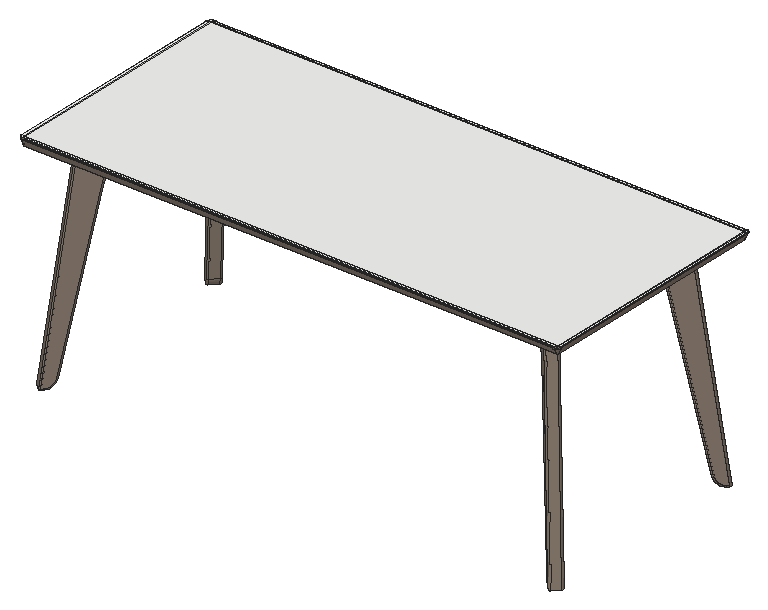
Revit family "Table-Casual-Naughtone-Dalby_Large2", category Furniture, Revit 2015
Parameters (values of type "1800mmx800mmx750mm")
  _distributed by = "www.bimbox.co.uk"  # constant formula
  _current revision = "1"
  _created by = "BIMBox"  # constant formula
  _author = "BIMBox"  # constant formula
  _BIMspec_GUID = 0
  WarrantyStartDate [instance] = "<User Defined>"
  WarrantyGuarantorParts = "sales@naughtone.com"
  WarrantyGuarantorLabor = "sales@naughtone.com"
  WarrantyDurationUnit = "Years"
  WarrantyDurationParts = "5"
  WarrantyDurationLabor = "5"
  WarrantyDescription = "5 year warranty"
  Version = "1"
  Uniclass2015 = "40.50.21.22"
  URL = "http://www.naughtone.com/"
  TypeName = "Table-Casual-Naughtone-Dalby_Large"
  Type Comments = "1800x800x750"
  TagNumber = "0.000000"
  SustainabilityPerformance = "89.64% reusable content"
  Size = "1800mmx800mmx750mm"
  Shape = "Rectangular"
  SerialNumber = "0.000000"
  ReplacementCost = "0.00"
  ProductInformation = "http://www.naughtone.com/wp-content/uploads/2015/05/Dalby-Brochure-FISP-2015.pdf?49171d"
  Product URL = "http://www.naughtone.com/portfolio-view/dalby"
  Option [instance] = if(HasReverseChamfer, "MFMDF with reverse chamfer", if(HasBandEdge, "MFMDF edge banded", "n/a"))  # "MFMDF with reverse chamfer"
  NominalWidth = 1800 mm
  NominalLength = 800 mm
  NominalHeight = 750 mm  # constant formula
  Name = "1800mmx800mmx750mm, Dalby Large Table"
  NBSReference = "40.50.21.22"
  NBSDescription = "n/a"
  Mtrl_Top [instance] = Laminate-White-Smooth
  Mtrl_Frame [instance] = Wood-Oak-Satin_Frame
  Mtrl_EdgeTop [instance] = Wood-Oak-Matte_Top
  ModelReference = "Dalby Large Table"
  ModelNumber = "DAL-1800x800"
  Model = "DAL-1800x800"
  Material = "MFMDF Top; Solid Oak Legs"
  ManufacturerAddressUK = "201 Pannal Business Park, Station Road, Harrogate, HG3 1JL"  # constant formula
  Manufacturer = "Naughtone"  # constant formula
  Keynote = "40.50.21.22"
  InstallationDate [instance] = "<User Defined>"
  HasReverseChamfer [instance] = yes
  HasBandEdge [instance] = not(HasReverseChamfer)  # no
  Grade = "n/a"
  Finish = "Polyster powder coat; various top finishes available"
  Features = "n/a"
  ExpectedLife = "15-20"
  EdgeOffset [instance] = if(HasReverseChamfer, 10 mm, 5 mm)  # 10 mm
  DurationUnit = "Years"
  Description = "Dalby Large Table"
  CreatedOn = "2015.07.15"
  CreatedBy = "Naughtone"  # constant formula
  Cost = 0
  ContactTelephoneNumber = "+44 (0) 1423 816500"
  ContactEmailAddress = "sales@naughtone.com"
  Constituents = "Wood Top; Solid Oak frame"
  ComponentDescription = "The Dalby table will inject warmth and quality into an interior without raising any eyebrows. Dalby provides a practical, robust surface and maximised leg positions for clear, useable access all round the table."
  Color = "White"
  CodePerformance = "FISP Certified; ISO14001 Certified"
  Category = "40.50.21.22 : Dining Tables"
  BarCode = "0.000000"
  BIMObjectName = "Table-Casual-Naughtone-Dalby_Large"
  AssetType = "Movable"
  AssetIdentifier = "DAL-1800x800"
  Assembly Code = "E2020"
  AdditionalMaterials = "Additional material and finish options available. Please contact Naughtone direct for further information."
  AccessibilityPerformance = "n/a"
Types (7, lengths in mm): name | Type Comments | Size | NominalWidth | NominalLength | Name | ModelNumber | Model | AssetIdentifier
  (no name) | "1800x800x750" | "1800mmx800mmx750mm" | 1800 | 800 | "1800mmx800mmx750mm, Dalby Large Table" | "DAL-1800x800" | "DAL-1800x800" | "DAL-1800x800"
  1800mmx800mmx750mm | "1800x800x750" | "1800mmx800mmx750mm" | 1800 | 800 | "1800mmx800mmx750mm, Dalby Large Table" | "DAL-1800x800" | "DAL-1800x800" | "DAL-1800x800"
  1600mmx800mmx750mm | "1600x800x750" | "1600mmx800mmx750mm" | 1800 | 800 | "1600mmx800mmx750mm, Dalby Large Table" | "DAL-1600x800" | "DAL-1600x800" | "DAL-1600x800"
  2000mmx900mmx750mm | "2000x900x750" | "2000mmx900mmx750mm" | 2000 | 900 | "2000mmx900mmx750mm, Dalby Large Table" | "DAL-2000x900" | "DAL-2000x900" | "DAL-2000x900"
  2200mmx900mmx750mm | "2200x900x750" | "2200mmx900mmx750mm" | 2200 | 900 | "2200mmx900mmx750mm, Dalby Large Table" | "DAL-2200x900" | "DAL-2200x900" | "DAL-2200x900"
  2400mmx1000mmx750mm | "2400x1000x750" | "2400mmx1000mmx750mm" | 2400 | 1000 | "2400mmx1000mmx750mm, Dalby Large Table" | "DAL-2400x1000" | "DAL-2400x1000" | "DAL-2400x1000"
  2400mmx1200mmx750mm | "2400x1200x750" | "2400mmx1200mmx750mm" | 2400 | 1200 | "2400mmx1200mmx750mm, Dalby Large Table" | "DAL-2400x1200" | "DAL-2400x1200" | "DAL-2400x1200"
Reference planes
  plane 1 "Center (Front/Back)": y = 0
  plane 2: z = 0
  plane 3 "Center (Left/Right)": x = 0
  plane 4 "Left": x = -900
  plane 5 "Right": x = 900
  plane 6 "Rear": y = 400
  plane 7 "Front": y = -400
  plane 8 "Top": z = 750
  plane 9: x = -890
  plane 10: y = -390
  plane 11: y = 390
  plane 12: x = 890
  plane 13 "EdgeProfile": z = 725
  plane 14: y = -395
Forms (mm)
  Sweep 1, solid, material "Wood-Oak-Matte_Top" <- "Mtrl_EdgeTop", visible <- "HasReverseChamfer"
    path origin (0, 0, 725) x (-1, 0, 0) y (0, -1, 0)
      loop
        line (890, -387) -> (890, 387)
        arc (890, 387) -> (889.121, 389.121) -> (887, 390) r 3
        line (887, 390) -> (-887, 390)
        arc (-887, 390) -> (-889.121, 389.121) -> (-890, 387) r 3
        line (-890, 387) -> (-890, -387)
        arc (-890, -387) -> (-889.121, -389.121) -> (-887, -390) r 3
        line (-887, -390) -> (887, -390)
        arc (887, -390) -> (889.121, -389.121) -> (890, -387) r 3
    profile origin (-890, 0, 725) x (1, 0, 0) y (0, 0, 1)
      loop
        line (0, 25) -> (-9.5, 25)
        arc (-9.5, 25) -> (-9.854, 24.854) -> (-10, 24.5) r 0.5
        line (-10, 24.5) -> (-10, 21.379)
        arc (-10, 21.379) -> (-9.925, 20.513) -> (-9.701, 19.674) r 5
        line (-9.701, 19.674) -> (-1.167, 0) -> (0, 0) -> (0, 25)
  Sweep 2, solid, material "Wood-Oak-Matte_Top" <- "Mtrl_EdgeTop", visible <- "HasBandEdge"
    path origin (0, 0, 725) x (-1, 0, 0) y (0, -1, 0)
      loop
        line (887, 390) -> (-887, 390)
        arc (-887, 390) -> (-889.121, 389.121) -> (-890, 387) r 3
        line (-890, 387) -> (-890, -387)
        arc (-890, -387) -> (-889.121, -389.121) -> (-887, -390) r 3
        line (-887, -390) -> (887, -390)
        arc (887, -390) -> (889.121, -389.121) -> (890, -387) r 3
        line (890, -387) -> (890, 387)
        arc (890, 387) -> (889.121, 389.121) -> (887, 390) r 3
    profile origin (0, -390, 725) x (0, 1, 0) y (0, 0, 1)
      loop
        line (-5, 20) -> (-5, 5)
        arc (-5, 5) -> (-3.536, 1.464) -> (0, 0) r 5
        line (0, 0) -> (0, 25)
        arc (0, 25) -> (-3.536, 23.536) -> (-5, 20) r 5
  Extrusion 3, solid, material "Laminate-White-Smooth" <- "Mtrl_Top"
    sketch origin (0, 0, 725) x (-1, 0, 0) y (0, -1, 0)
      loop
        arc (887, -390) -> (889.121, -389.121) -> (890, -387) r 3
        line (890, -387) -> (890, 387)
        arc (890, 387) -> (889.121, 389.121) -> (887, 390) r 3
        line (887, 390) -> (-887, 390)
        arc (-887, 390) -> (-889.121, 389.121) -> (-890, 387) r 3
        line (-890, 387) -> (-890, -387)
        arc (-890, -387) -> (-889.121, -389.121) -> (-887, -390) r 3
        line (-887, -390) -> (887, -390)
    from 0 to 25
Dimensions and locks
  equal spacing: plane 4 "Left", plane 3 "Center (Left/Right)", plane 5 "Right"
  "NominalWidth": plane 4 "Left" to plane 5 "Right"
  equal spacing: plane 6 "Rear", plane 1 "Center (Front/Back)", plane 7 "Front"
  "NominalLength": plane 6 "Rear" to plane 7 "Front"
  "NominalHeight": plane 8 "Top" to level
  "EdgeOffset": plane 4 "Left" to plane 9
  "EdgeOffset": plane 12 to plane 5 "Right"
  "EdgeOffset": plane 6 "Rear" to plane 11
  "EdgeOffset": plane 10 to plane 7 "Front"
  locked: plane 8 "Top" to plane 13 "EdgeProfile" at 25
  locked: plane 14 to plane 10 at 5
  aligned and locked: level to plane 2
  aligned and locked: Sweep 1 sketch curve to plane 9
  aligned and locked: Sweep 1 sketch curve to plane 11
  aligned and locked: Sweep 1 sketch curve to plane 10
  aligned and locked: plane 12 to Sweep 1 sketch curve
  aligned and locked: plane 8 "Top" to Sweep 1 sketch curve
  aligned and locked: Sweep 1 sketch curve to plane 4 "Left"
  aligned and locked: plane 13 "EdgeProfile" to Sweep 1 sketch curve
  aligned and locked: plane 9 to Sweep 1 sketch curve
  aligned and locked: Sweep 2 sketch curve to plane 10
  aligned and locked: Sweep 2 sketch curve to plane 9
  aligned and locked: Sweep 2 sketch curve to plane 11
  aligned and locked: Sweep 2 sketch curve to plane 12
  aligned and locked: plane 10 to Sweep 2 sketch curve
  aligned and locked: Sweep 2 sketch curve to plane 14
  aligned and locked: Extrusion 3 sketch curve to plane 11
  aligned and locked: plane 9 to Extrusion 3 sketch curve
  aligned and locked: Extrusion 3 sketch curve to plane 10
  aligned and locked: plane 12 to Extrusion 3 sketch curve
  aligned and locked: plane 8 "Top" to Extrusion 3
  aligned and locked: Extrusion 3 to plane 13 "EdgeProfile"
  aligned and locked: plane 3 "Center (Left/Right)" to nested 1
  aligned and locked: plane 1 "Center (Front/Back)" to nested 1
Automatic sketch dimensions
  Sweep 2 sketch curve to profile plane = 0 mm
  Sweep 2 sketch curve to plane 13 "EdgeProfile" = 0 mm
  Sweep 2 sketch curve to Sweep 2 sketch curve = 15 mm
  Sweep 2 sketch curve to Sweep 2 sketch curve = 0 mm
  Sweep 1 sketch curve to Sweep 1 sketch curve = 0.299 mm
  Sweep 1 sketch curve to Sweep 1 sketch curve = 0.5 mm
  Sweep 1 sketch curve to Sweep 1 sketch curve = 5 mm
  Sweep 1 sketch curve to Sweep 1 sketch curve = 4.826 mm
  profile plane to Sweep 1 sketch curve = 1.167 mm
  plane 12 to Sweep 1 sketch curve = 3 mm  (x2)
  plane 9 to Sweep 1 sketch curve = 3 mm  (x2)
  plane 12 to Extrusion 3 sketch curve = 3 mm  (x2)
  Extrusion 3 sketch curve to Extrusion 3 sketch curve = 3 mm  (x2)
  plane 12 to Sweep 2 sketch curve = 3 mm
  Sweep 2 sketch curve to Sweep 2 sketch curve = 3 mm  (x2)
  plane 9 to Sweep 2 sketch curve = 3 mm
Nested families
  nested 1: "Nested-Frame-Naughtone-Dalby" at (0, 0, 0), Mtrl_Frame <- "Mtrl_Frame", NominalLength <- "NominalLength", NominalWidth <- "NominalWidth", type "Dalby Frame"
    with NominalWidth 1800 mm, NominalLength 800 mm, Mtrl_Frame Wood-Oak-Satin_Frame
Definition of nested family "Nested-Frame-Naughtone-Dalby"
  Parameters (values of type "Dalby Frame")
    _distributed by = "www.bimbox.co.uk"  # constant formula
    _current revision = "1"
    _created by = "BIMBox"  # constant formula
    _author = "BIMBox"  # constant formula
    URL = "http://www.naughtone.com/"
    Type Comments = ""
    NominalWidth [instance] = 1600 mm
    NominalLength [instance] = 800 mm
    NominalHeight = 750 mm  # constant formula
    Mtrl_Frame [instance] = none
    Model = "Dalby Frame"
    ManufacturerAddressUK = "201 Pannal Business Park, Station Road, Harrogate, HG3 1JL"  # constant formula
    Manufacturer = "Naughtone"  # constant formula
    Keynote = ""
    Description = "Dalby Frame"
    Cost = 0
    ContactTelephoneNumber = "+44 (0) 1423 816500"
    ContactEmailAddress = "sales@naughtone.com"
    Assembly Code = "E2020"
  Reference planes
    plane 1 "Center (Front/Back)": y = 0
    plane 2: z = 0
    plane 3 "Center (Left/Right)": x = 0
    plane 4 "Left": x = -800
    plane 5 "Right": x = 800
    plane 6 "Rear": y = 400
    plane 7 "Front": y = -400
    plane 8 "Top": z = 750
    plane 9 "EdgeProfile": z = 725
    plane 10: z = 650
    plane 11: y = -350
    plane 12: x = 778
    plane 13: x = 750
    plane 14: y = -378
    plane 15: x = 625
    plane 16: y = -197
    plane 17: x = 597
    plane 18: y = -225
    plane 19: x = 611
    plane 20: y = -211
    plane 21: x = 764
    plane 22: y = -364
    plane 23: through (647, -175, 1200) normal (-0.7071, 0.7071, 0)
    plane 24: through (800, -328, 1200) normal (-0.7071, 0.7071, 0)
    plane 25: through (638.223, -339.272, 725) normal (-0.7071, 0.7071, 0)
    plane 26: z = 655.321
    plane 27: through (572.329, -273.378, 649.22) normal (-0.7071, 0.7071, 0)
    plane 28: z = 649.22
    plane 29: z = 612.454
    plane 30: through (594.845, -295.895, 612.454) normal (-0.7071, 0.7071, 0)
    plane 31: z = 602.235
    plane 32: through (560.236, -261.286, 602.235) normal (-0.7071, 0.7071, 0)
    plane 33: z = 32.847
    plane 34: through (680.418, -381.467, 32.847) normal (-0.7071, 0.7071, 0)
    plane 35: z = 5
    plane 36: through (704.644, -405.694, 5) normal (-0.7071, 0.7071, 0)
    plane 37: through (709.411, -410.46, 5) normal (-0.7071, 0.7071, 0)
    plane 38: z = 40
    plane 39: z = 655.321
    plane 40: through (557.647, -258.696, 730) normal (0.7071, -0.7071, 0)
    plane 41: z = 727
    plane 42: through (643.798, -344.847, 728.911) normal (0.7071, -0.7071, 0)
    plane 43: y = 350
    plane 44: x = 778
    plane 45: x = 750
    plane 46: y = 378
    plane 47: x = 625
    plane 48: y = 197
    plane 49: x = 597
    plane 50: y = 225
    plane 51: x = 611
    plane 52: y = 211
    plane 53: x = 764
    plane 54: y = 364
    plane 55: through (647, 175, 1200) normal (0.7071, 0.7071, 0)
    plane 56: through (800, 328, 1200) normal (0.7071, 0.7071, 0)
    plane 57: through (638.223, 339.272, 725) normal (0.7071, 0.7071, 0)
    plane 58: through (572.329, 273.378, 649.22) normal (0.7071, 0.7071, 0)
    plane 59: through (594.845, 295.895, 612.454) normal (0.7071, 0.7071, 0)
    plane 60: through (560.236, 261.286, 602.235) normal (0.7071, 0.7071, 0)
    plane 61: through (680.418, 381.467, 32.847) normal (0.7071, 0.7071, 0)
    plane 62: through (704.644, 405.694, 5) normal (0.7071, 0.7071, 0)
    plane 63: through (709.411, 410.46, 5) normal (0.7071, 0.7071, 0)
    plane 64: z = 655.321
    plane 65: through (557.647, 258.696, 730) normal (-0.7071, -0.7071, 0)
    plane 66: z = 727
    plane 67: through (643.798, 344.847, 728.911) normal (-0.7071, -0.7071, 0)
    plane 68: y = 350
    plane 69: x = -778
    plane 70: x = -750
    plane 71: y = 378
    plane 72: x = -625
    plane 73: y = 197
    plane 74: x = -597
    plane 75: y = 225
    plane 76: x = -611
    plane 77: y = 211
    plane 78: x = -764
    plane 79: y = 364
    plane 80: through (-647, 175, 1200) normal (0.7071, -0.7071, 0)
    plane 81: through (-800, 328, 1200) normal (0.7071, -0.7071, 0)
    plane 82: through (-638.223, 339.272, 725) normal (0.7071, -0.7071, 0)
    plane 83: through (-572.329, 273.378, 649.22) normal (0.7071, -0.7071, 0)
    plane 84: through (-594.845, 295.895, 612.454) normal (0.7071, -0.7071, 0)
    plane 85: through (-560.236, 261.286, 602.235) normal (0.7071, -0.7071, 0)
    plane 86: through (-680.418, 381.467, 32.847) normal (0.7071, -0.7071, 0)
    plane 87: through (-704.644, 405.694, 5) normal (0.7071, -0.7071, 0)
    plane 88: through (-709.411, 410.46, 5) normal (0.7071, -0.7071, 0)
    plane 89: through (-557.647, 258.696, 730) normal (-0.7071, 0.7071, 0)
    plane 90: z = 727
    plane 91: through (-643.798, 344.847, 728.911) normal (-0.7071, 0.7071, 0)
    plane 92: y = -350
    plane 93: x = -778
    plane 94: x = -750
    plane 95: y = -378
    plane 96: x = -625
    plane 97: y = -197
    plane 98: x = -597
    plane 99: y = -225
    plane 100: x = -611
    plane 101: y = -211
    plane 102: x = -764
    plane 103: y = -364
    plane 104: through (-647, -175, 1200) normal (-0.7071, -0.7071, 0)
    plane 105: through (-800, -328, 1200) normal (-0.7071, -0.7071, 0)
    plane 106: through (-638.223, -339.272, 725) normal (-0.7071, -0.7071, 0)
    plane 107: through (-572.329, -273.378, 649.22) normal (-0.7071, -0.7071, 0)
    plane 108: through (-594.845, -295.895, 612.454) normal (-0.7071, -0.7071, 0)
    plane 109: through (-560.236, -261.286, 602.235) normal (-0.7071, -0.7071, 0)
    plane 110: through (-680.418, -381.467, 32.847) normal (-0.7071, -0.7071, 0)
    plane 111: through (-704.644, -405.694, 5) normal (-0.7071, -0.7071, 0)
    plane 112: through (-709.411, -410.46, 5) normal (-0.7071, -0.7071, 0)
    plane 113: through (-557.647, -258.696, 730) normal (0.7071, 0.7071, 0)
    plane 114: z = 727
    plane 115: through (-643.798, -344.847, 728.911) normal (0.7071, 0.7071, 0)
    plane 116: z = 655.321
    plane 117: z = 649.22
    plane 118: z = 612.454
    plane 119: z = 602.235
    plane 120: z = 32.847
    plane 121: z = 5
    plane 122: z = 40
    plane 123: x = 665
    plane 124: y = 243.671
    plane 125: y = -243.671
    plane 126: y = 265
    plane 127: x = -665
    plane 128: y = -265
  Forms (mm)
    Sweep 1, solid, material <- "Mtrl_Frame"
      path origin (611, -211, 0) x (0.707107, -0.707107, 0) y (0, 0, 1)
        loop
          line (109.951, 725) -> (210.627, 5) -> (203.886, 5)
          arc (203.886, 5) -> (181.81, 12.84) -> (169.624, 32.847) r 35
          line (169.624, 32.847) -> (48.607, 612.454)
          arc (48.607, 612.454) -> (37.457, 634.97) -> (16.763, 649.22) r 50
          line (16.763, 649.22) -> (0, 655.321)
      profile origin (757.552, -357.552, 5) x (0, 0, -1) y (-0.707107, -0.707107, 0)
        loop
          line (5, -15) -> (5, 15)
          arc (5, 15) -> (3.536, 18.536) -> (0, 20) r 5
          line (0, 20) -> (0, -20)
          arc (0, -20) -> (3.536, -18.536) -> (5, -15) r 5
    Extrusion 2, solid, material <- "Mtrl_Frame"
      sketch origin (611, -211, 0) x (0.707107, -0.707107, 0) y (0, 0, 1)
        loop
          line (48.607, 612.454) -> (169.624, 32.847)
          arc (169.624, 32.847) -> (181.81, 12.84) -> (203.886, 5) r 35
          line (203.886, 5) -> (210.627, 5) -> (109.951, 725) -> (0, 725) -> (0, 655.321) -> (16.763, 649.22)
          arc (16.763, 649.22) -> (37.457, 634.97) -> (48.607, 612.454) r 50
      from -20 to 20
    Extrusion 3, void
      sketch origin (611, -211, 0) x (0.707107, -0.707107, 0) y (0, 0, 1)
        loop
          line (-4, 727) -> (-4, 650) -> (0, 650) -> (0, 725) -> (117.836, 725) -> (117.836, 727) -> (-4, 727)
      from -20 to 20
    Sweep 4, solid, material <- "Mtrl_Frame"
      path origin (611, 211, 0) x (0.707107, 0.707107, 0) y (0, 0, 1)
        loop
          line (109.951, 725) -> (210.627, 5) -> (203.886, 5)
          arc (203.886, 5) -> (181.81, 12.84) -> (169.624, 32.847) r 35
          line (169.624, 32.847) -> (48.607, 612.454)
          arc (48.607, 612.454) -> (37.457, 634.97) -> (16.763, 649.22) r 50
          line (16.763, 649.22) -> (0, 655.321)
      profile origin (757.552, 357.552, 5) x (0, 0, -1) y (0.707107, -0.707107, 0)
        loop
          arc (5, 15) -> (3.536, 18.536) -> (0, 20) r 5
          line (0, 20) -> (0, -20)
          arc (0, -20) -> (3.536, -18.536) -> (5, -15) r 5
          line (5, -15) -> (5, 15)
    Extrusion 5, solid, material <- "Mtrl_Frame"
      sketch origin (611, 211, 0) x (0.707107, 0.707107, 0) y (0, 0, 1)
        loop
          line (48.607, 612.454) -> (169.624, 32.847)
          arc (169.624, 32.847) -> (181.81, 12.84) -> (203.886, 5) r 35
          line (203.886, 5) -> (210.627, 5) -> (109.951, 725) -> (0, 725) -> (0, 655.321) -> (16.763, 649.22)
          arc (16.763, 649.22) -> (37.457, 634.97) -> (48.607, 612.454) r 50
      from 20 to -20
    Extrusion 6, void
      sketch origin (611, 211, 0) x (0.707107, 0.707107, 0) y (0, 0, 1)
        loop
          line (-4, 727) -> (-4, 650) -> (0, 650) -> (0, 725) -> (117.836, 725) -> (117.836, 727) -> (-4, 727)
      from -20 to 20
    Sweep 7, solid, material <- "Mtrl_Frame"
      path origin (-611, 211, 0) x (-0.707107, 0.707107, 0) y (0, 0, 1)
        loop
          line (109.951, 725) -> (210.627, 5) -> (203.886, 5)
          arc (203.886, 5) -> (181.81, 12.84) -> (169.624, 32.847) r 35
          line (169.624, 32.847) -> (48.607, 612.454)
          arc (48.607, 612.454) -> (37.457, 634.97) -> (16.763, 649.22) r 50
          line (16.763, 649.22) -> (0, 655.321)
      profile origin (-757.552, 357.552, 5) x (0, 0, -1) y (0.707107, 0.707107, 0)
        loop
          line (5, -15) -> (5, 15)
          arc (5, 15) -> (3.536, 18.536) -> (0, 20) r 5
          line (0, 20) -> (0, -20)
          arc (0, -20) -> (3.536, -18.536) -> (5, -15) r 5
    Extrusion 8, void
      sketch origin (-611, 211, 0) x (-0.707107, 0.707107, 0) y (0, 0, 1)
        loop
          line (-4, 727) -> (-4, 650) -> (0, 650) -> (0, 725) -> (117.836, 725) -> (117.836, 727) -> (-4, 727)
      from -20 to 20
    Sweep 9, solid, material <- "Mtrl_Frame"
      path origin (-611, -211, 0) x (-0.707107, -0.707107, 0) y (0, 0, 1)
        loop
          line (109.951, 725) -> (210.627, 5) -> (203.886, 5)
          arc (203.886, 5) -> (181.81, 12.84) -> (169.624, 32.847) r 35
          line (169.624, 32.847) -> (48.607, 612.454)
          arc (48.607, 612.454) -> (37.457, 634.97) -> (16.763, 649.22) r 50
          line (16.763, 649.22) -> (0, 655.321)
      profile origin (-757.552, -357.552, 5) x (0, 0, -1) y (-0.707107, 0.707107, 0)
        loop
          arc (5, 15) -> (3.536, 18.536) -> (0, 20) r 5
          line (0, 20) -> (0, -20)
          arc (0, -20) -> (3.536, -18.536) -> (5, -15) r 5
          line (5, -15) -> (5, 15)
    Extrusion 10, void
      sketch origin (-611, -211, 0) x (-0.707107, -0.707107, 0) y (0, 0, 1)
        loop
          line (-4, 727) -> (-4, 650) -> (0, 650) -> (0, 725) -> (117.836, 725) -> (117.836, 727) -> (-4, 727)
      from -20 to 20
    Extrusion 11, solid, material <- "Mtrl_Frame"
      sketch origin (-611, -211, 0) x (-0.707107, -0.707107, 0) y (0, 0, 1)
        loop
          line (109.951, 725) -> (0, 725) -> (0, 655.321) -> (16.763, 649.22)
          arc (16.763, 649.22) -> (37.457, 634.97) -> (48.607, 612.454) r 50
          line (48.607, 612.454) -> (169.624, 32.847)
          arc (169.624, 32.847) -> (181.81, 12.84) -> (203.886, 5) r 35
          line (203.886, 5) -> (210.627, 5) -> (109.951, 725)
      from -20 to 20
    Extrusion 12, solid, material <- "Mtrl_Frame"
      sketch origin (-611, 211, 0) x (-0.707107, 0.707107, 0) y (0, 0, 1)
        loop
          line (0, 725) -> (0, 655.321) -> (16.763, 649.22)
          arc (16.763, 649.22) -> (37.457, 634.97) -> (48.607, 612.454) r 50
          line (48.607, 612.454) -> (169.624, 32.847)
          arc (169.624, 32.847) -> (181.81, 12.84) -> (203.886, 5) r 35
          line (203.886, 5) -> (210.627, 5) -> (109.951, 725) -> (0, 725)
      from -20 to 20
    Extrusion 13, solid, material <- "Mtrl_Frame"
      sketch origin (0, 0, 0) x (1, 0, 0) y (0, 1, 0)
        loop
          line (625, 196.716) -> (625, -196.716) -> (665, -236.716) -> (665, 236.716) -> (625, 196.716)
      from 650 to 725
    Extrusion 14, solid, material <- "Mtrl_Frame"
      sketch origin (0, 0, 0) x (1, 0, 0) y (0, 1, 0)
        loop
          line (636.716, 265) -> (-636.716, 265) -> (-596.716, 225) -> (596.716, 225) -> (636.716, 265)
      from 649.22 to 725
    Extrusion 15, solid, material <- "Mtrl_Frame"
      sketch origin (0, 0, 0) x (1, 0, 0) y (0, 1, 0)
        loop
          line (-665, 236.716) -> (-665, -236.716) -> (-625, -196.716) -> (-625, 196.716) -> (-665, 236.716)
      from 649.22 to 725
    Extrusion 16, solid, material <- "Mtrl_Frame"
      sketch origin (0, 0, 0) x (1, 0, 0) y (0, 1, 0)
        loop
          line (636.716, -265) -> (596.716, -225) -> (-596.716, -225) -> (-636.716, -265) -> (636.716, -265)
      from 649.22 to 725
  Cuts and joins
    Extrusion 3, Extrusion 6, Extrusion 10 cuts Sweep 1
    Extrusion 6, Extrusion 10 cuts Extrusion 2
    joined: Sweep 1, Extrusion 2
    Extrusion 6, Extrusion 8 cuts Sweep 4
    Extrusion 6, Extrusion 8 cuts Extrusion 5
    joined: Sweep 4, Extrusion 5
    Extrusion 8 cuts Sweep 7
    joined: Sweep 7, Extrusion 12
    Extrusion 10 cuts Sweep 9
    joined: Sweep 9, Extrusion 11
  Lines and regions (mm)
    reference lines
      curve 1: line (611, -211, 0) -> (764, -364, 0)
      curve 2: line (611, 211, 0) -> (764, 364, 0)
      curve 3: line (-611, 211, 0) -> (-764, 364, 0)
      curve 4: line (-611, -211, 0) -> (-764, -364, 0)
  Dimensions and locks
    equal spacing: plane 4 "Left", plane 3 "Center (Left/Right)", plane 5 "Right"
    "NominalWidth": plane 4 "Left" to plane 5 "Right"
    equal spacing: plane 6 "Rear", plane 1 "Center (Front/Back)", plane 7 "Front"
    "NominalLength": plane 6 "Rear" to plane 7 "Front"
    "NominalHeight": plane 8 "Top" to level
    locked: plane 8 "Top" to plane 9 "EdgeProfile" at 25
    locked: plane 9 "EdgeProfile" to plane 10 at 75
    locked: plane 12 to plane 5 "Right" at 22
    locked: plane 11 to plane 7 "Front" at 50
    locked: plane 14 to plane 7 "Front" at 22
    locked: plane 13 to plane 5 "Right" at 50
    locked: plane 16 to plane 7 "Front" at 203
    locked: plane 15 to plane 5 "Right" at 175
    locked: plane 18 to plane 7 "Front" at 175
    locked: plane 17 to plane 5 "Right" at 203
    locked: plane 20 to plane 7 "Front" at 189
    locked: plane 19 to plane 5 "Right" at 189
    locked: plane 22 to plane 7 "Front" at 36
    locked: plane 21 to plane 5 "Right" at 36
    locked: plane 23 to plane 25 at 109.951
    locked: plane 26 to plane 10 at 5.321
    locked: plane 10 to plane 28 at 0.78
    locked: plane 23 to plane 27 at 16.763
    locked: plane 23 to plane 30 at 48.607
    locked: plane 10 to plane 29 at 37.546
    locked: plane 10 to plane 31 at 47.765
    locked: plane 32 to plane 23 at 0.338
    locked: plane 37 to plane 24 at 5.748
    locked: plane 34 to plane 24 at 46.75
    locked: plane 36 to plane 24 at 12.489
    locked: plane 35 to level at 5
    locked: plane 33 to level at 32.847
    locked: plane 38 to level at 40
    locked: plane 39 to plane 10 at 5.321
    locked: plane 40 to plane 23 at 4
    locked: plane 41 to plane 9 "EdgeProfile" at 2
    locked: plane 25 to plane 42 at 7.885
    locked: plane 44 to plane 5 "Right" at 22
    locked: plane 43 to plane 6 "Rear" at 50
    locked: plane 46 to plane 6 "Rear" at 22
    locked: plane 45 to plane 5 "Right" at 50
    locked: plane 48 to plane 6 "Rear" at 203
    locked: plane 47 to plane 5 "Right" at 175
    locked: plane 50 to plane 6 "Rear" at 175
    locked: plane 49 to plane 5 "Right" at 203
    locked: plane 52 to plane 6 "Rear" at 189
    locked: plane 51 to plane 5 "Right" at 189
    locked: plane 54 to plane 6 "Rear" at 36
    locked: plane 53 to plane 5 "Right" at 36
    locked: plane 55 to plane 57 at 109.951
    locked: plane 55 to plane 58 at 16.763
    locked: plane 55 to plane 59 at 48.607
    locked: plane 60 to plane 55 at 0.338
    locked: plane 63 to plane 56 at 5.748
    locked: plane 61 to plane 56 at 46.75
    locked: plane 62 to plane 56 at 12.489
    locked: plane 65 to plane 55 at 4
    locked: plane 57 to plane 67 at 7.885
    locked: plane 69 to plane 4 "Left" at 22
    locked: plane 68 to plane 6 "Rear" at 50
    locked: plane 71 to plane 6 "Rear" at 22
    locked: plane 70 to plane 4 "Left" at 50
    locked: plane 73 to plane 6 "Rear" at 203
    locked: plane 72 to plane 4 "Left" at 175
    locked: plane 75 to plane 6 "Rear" at 175
    locked: plane 74 to plane 4 "Left" at 203
    locked: plane 77 to plane 6 "Rear" at 189
    locked: plane 76 to plane 4 "Left" at 189
    locked: plane 79 to plane 6 "Rear" at 36
    locked: plane 78 to plane 4 "Left" at 36
    locked: plane 80 to plane 82 at 109.951
    locked: plane 80 to plane 83 at 16.763
    locked: plane 80 to plane 84 at 48.607
    locked: plane 85 to plane 80 at 0.338
    locked: plane 88 to plane 81 at 5.748
    locked: plane 86 to plane 81 at 46.75
    locked: plane 87 to plane 81 at 12.489
    locked: plane 89 to plane 80 at 4
    locked: plane 82 to plane 91 at 7.885
    locked: plane 66 to plane 9 "EdgeProfile" at 2
    locked: plane 93 to plane 4 "Left" at 22
    locked: plane 92 to plane 7 "Front" at 50
    locked: plane 95 to plane 7 "Front" at 22
    locked: plane 94 to plane 4 "Left" at 50
    locked: plane 97 to plane 7 "Front" at 203
    locked: plane 96 to plane 4 "Left" at 175
    locked: plane 99 to plane 7 "Front" at 175
    locked: plane 98 to plane 4 "Left" at 203
    locked: plane 101 to plane 7 "Front" at 189
    locked: plane 100 to plane 4 "Left" at 189
    locked: plane 103 to plane 7 "Front" at 36
    locked: plane 102 to plane 4 "Left" at 36
    locked: plane 104 to plane 106 at 109.951
    locked: plane 104 to plane 107 at 16.763
    locked: plane 104 to plane 108 at 48.607
    locked: plane 109 to plane 104 at 0.338
    locked: plane 112 to plane 105 at 5.748
    locked: plane 110 to plane 105 at 46.75
    locked: plane 111 to plane 105 at 12.489
    locked: plane 113 to plane 104 at 4
    locked: plane 106 to plane 115 at 7.885
    locked: plane 116 to plane 10 at 5.321
    locked: plane 10 to plane 117 at 0.78
    locked: plane 10 to plane 118 at 37.546
    locked: plane 10 to plane 119 at 47.765
    locked: plane 121 to level at 5
    locked: plane 120 to level at 32.847
    locked: plane 122 to level at 40
    locked: plane 114 to plane 9 "EdgeProfile" at 2
    locked: plane 90 to plane 9 "EdgeProfile" at 2
    locked: plane 15 to plane 123 at 40
    locked: plane 6 "Rear" to plane 124 at 156.329
    locked: plane 7 "Front" to plane 125 at 156.329
    locked: plane 50 to plane 126 at 40
    locked: plane 127 to plane 72 at 40
    locked: plane 128 to plane 18 at 40
    locked: plane 23 to plane 18 (angle 135.00°)
    locked: plane 22 to plane 24 (angle 45.00°)
    locked: plane 50 to plane 55 (angle 135.00°)
    locked: plane 56 to plane 54 (angle 45.00°)
    locked: plane 80 to plane 75 (angle 135.00°)
    locked: plane 79 to plane 81 (angle 45.00°)
    locked: plane 99 to plane 104 (angle 135.00°)
    locked: plane 105 to plane 103 (angle 45.00°)
    aligned and locked: level to plane 2
    aligned and locked: plane 21 to curve 1
    aligned and locked: plane 22 to curve 1
    aligned and locked: plane 20 to curve 1
    aligned and locked: plane 19 to curve 1
    aligned and locked: plane 35 to Sweep 1 sketch curve
    aligned and locked: plane 30 to Sweep 1 sketch curve
    aligned and locked: plane 29 to Sweep 1 sketch curve
    aligned and locked: plane 27 to Sweep 1 sketch curve
    aligned and locked: plane 28 to Sweep 1 sketch curve
    aligned and locked: plane 26 to Sweep 1 sketch curve
    aligned and locked: plane 23 to Sweep 1 sketch curve
    aligned and locked: Sweep 1 sketch curve to plane 33
    aligned and locked: plane 34 to Sweep 1 sketch curve
    aligned and locked: plane 9 "EdgeProfile" to Sweep 1 sketch curve
    aligned and locked: plane 25 to Sweep 1 sketch curve
    aligned and locked: plane 37 to Sweep 1 sketch curve
    aligned and locked: plane 31 to Sweep 1 sketch curve
    aligned and locked: plane 36 to Sweep 1 sketch curve
    aligned and locked: plane 38 to Sweep 1 sketch curve
    aligned and locked: Sweep 1 to Extrusion 2
    aligned and locked: Extrusion 2 to Sweep 1
    aligned and locked: Extrusion 2 sketch curve to Sweep 1  (x4)
    aligned and locked: Extrusion 2 sketch curve to plane 9 "EdgeProfile"
    aligned and locked: plane 39 to Extrusion 2 sketch curve
    aligned and locked: plane 23 to Extrusion 2 sketch curve
    aligned and locked: Extrusion 3 sketch curve to plane 40
    aligned and locked: plane 41 to Extrusion 3 sketch curve
    aligned and locked: plane 42 to Extrusion 3 sketch curve
    aligned and locked: Extrusion 3 sketch curve to plane 9 "EdgeProfile"
    aligned and locked: Extrusion 3 sketch curve to plane 23
    aligned and locked: Extrusion 3 sketch curve to plane 10
    aligned and locked: curve 2 to plane 53
    aligned and locked: plane 54 to curve 2
    aligned and locked: plane 52 to curve 2
    aligned and locked: curve 2 to plane 51
    aligned and locked: plane 59 to Sweep 4 sketch curve
    aligned and locked: plane 58 to Sweep 4 sketch curve
    aligned and locked: plane 55 to Sweep 4 sketch curve
    aligned and locked: plane 61 to Sweep 4 sketch curve
    aligned and locked: plane 57 to Sweep 4 sketch curve
    aligned and locked: plane 63 to Sweep 4 sketch curve
    aligned and locked: plane 62 to Sweep 4 sketch curve
    aligned and locked: Sweep 4 to Extrusion 5  (x2)
    aligned and locked: Extrusion 5 sketch curve to Sweep 4  (x4)
    aligned and locked: plane 55 to Extrusion 5 sketch curve
    aligned and locked: Extrusion 6 sketch curve to plane 65
    aligned and locked: plane 66 to Extrusion 6 sketch curve
    aligned and locked: plane 67 to Extrusion 6 sketch curve
    aligned and locked: Extrusion 6 sketch curve to plane 55
    aligned and locked: plane 78 to curve 3
    aligned and locked: plane 79 to curve 3
    aligned and locked: plane 77 to curve 3
    aligned and locked: plane 76 to curve 3
    aligned and locked: plane 84 to Sweep 7 sketch curve
    aligned and locked: plane 83 to Sweep 7 sketch curve
    aligned and locked: plane 80 to Sweep 7 sketch curve
    aligned and locked: plane 86 to Sweep 7 sketch curve
    aligned and locked: plane 82 to Sweep 7 sketch curve
    aligned and locked: plane 88 to Sweep 7 sketch curve
    aligned and locked: plane 87 to Sweep 7 sketch curve
    aligned and locked: Extrusion 8 sketch curve to plane 89
    aligned and locked: plane 90 to Extrusion 8 sketch curve
    aligned and locked: plane 91 to Extrusion 8 sketch curve
    aligned and locked: Extrusion 8 sketch curve to plane 80
    aligned and locked: plane 9 "EdgeProfile" to Sweep 4 sketch curve
    aligned and locked: plane 26 to Sweep 4 sketch curve
    aligned and locked: plane 31 to Sweep 4 sketch curve
    aligned and locked: plane 60 to Sweep 4 sketch curve
    aligned and locked: plane 29 to Sweep 4 sketch curve
    aligned and locked: plane 38 to Sweep 4 sketch curve
    aligned and locked: plane 33 to Sweep 4 sketch curve
    aligned and locked: Sweep 4 sketch curve to plane 35
    aligned and locked: plane 9 "EdgeProfile" to Extrusion 5 sketch curve
    aligned and locked: plane 26 to Extrusion 5 sketch curve
    aligned and locked: plane 10 to Extrusion 6 sketch curve
    aligned and locked: plane 9 "EdgeProfile" to Extrusion 6 sketch curve
    aligned and locked: curve 4 to plane 102
    aligned and locked: plane 103 to curve 4
    aligned and locked: plane 101 to curve 4
    aligned and locked: curve 4 to plane 100
    aligned and locked: plane 108 to Sweep 9 sketch curve
    aligned and locked: plane 107 to Sweep 9 sketch curve
    aligned and locked: plane 104 to Sweep 9 sketch curve
    aligned and locked: plane 110 to Sweep 9 sketch curve
    aligned and locked: plane 106 to Sweep 9 sketch curve
    aligned and locked: plane 112 to Sweep 9 sketch curve
    aligned and locked: plane 111 to Sweep 9 sketch curve
    aligned and locked: Extrusion 10 sketch curve to plane 113
    aligned and locked: plane 114 to Extrusion 10 sketch curve
    aligned and locked: plane 115 to Extrusion 10 sketch curve
    aligned and locked: Extrusion 10 sketch curve to plane 104
    aligned and locked: plane 9 "EdgeProfile" to Sweep 9 sketch curve
    aligned and locked: Sweep 9 sketch curve to plane 116
    aligned and locked: Sweep 9 sketch curve to plane 119
    aligned and locked: plane 109 to Sweep 9 sketch curve
    aligned and locked: Sweep 9 sketch curve to plane 118
    aligned and locked: Sweep 9 sketch curve to plane 122
    aligned and locked: plane 120 to Sweep 9 sketch curve
    aligned and locked: Sweep 9 sketch curve to plane 121
    aligned and locked: Extrusion 11 sketch curve to cut or joined group of Sweep 9, Extrusion 10, Extrusion 11  (x4)
    aligned and locked: plane 9 "EdgeProfile" to Extrusion 11 sketch curve
    aligned and locked: Extrusion 11 sketch curve to plane 104
    aligned and locked: Extrusion 11 sketch curve to plane 116
    aligned and locked: plane 9 "EdgeProfile" to Extrusion 10 sketch curve
    aligned and locked: plane 10 to Extrusion 10 sketch curve
    aligned and locked: plane 9 "EdgeProfile" to Sweep 7 sketch curve
    aligned and locked: plane 116 to Sweep 7 sketch curve
    aligned and locked: plane 117 to Sweep 7 sketch curve
    aligned and locked: plane 85 to Sweep 7 sketch curve
    aligned and locked: plane 118 to Sweep 7 sketch curve
    aligned and locked: plane 122 to Sweep 7 sketch curve
    aligned and locked: plane 120 to Sweep 7 sketch curve
    aligned and locked: plane 121 to Sweep 7 sketch curve
    aligned and locked: Extrusion 12 sketch curve to plane 9 "EdgeProfile"
    aligned and locked: Extrusion 12 sketch curve to plane 80
    aligned and locked: Extrusion 12 sketch curve to cut or joined group of Sweep 7, Extrusion 8, Extrusion 12  (x4)
    aligned and locked: plane 116 to Extrusion 12 sketch curve
    aligned and locked: Extrusion 8 sketch curve to plane 9 "EdgeProfile"
    aligned and locked: Extrusion 8 sketch curve to plane 10
    aligned and locked: Extrusion 13 sketch curve to cut or joined group of Sweep 4, Extrusion 5, Extrusion 6, Extrusion 8
    aligned and locked: Extrusion 13 sketch curve to plane 123
    aligned and locked: cut or joined group of Sweep 1, Extrusion 2, Extrusion 3, Extrusion 6, Extrusion 10 to Extrusion 13 sketch curve
    aligned and locked: plane 9 "EdgeProfile" to Extrusion 13
    aligned and locked: Extrusion 13 to plane 10
    aligned and locked: plane 15 to Extrusion 13 sketch curve
    aligned and locked: cut or joined group of Sweep 4, Extrusion 5, Extrusion 6, Extrusion 8 to Extrusion 14 sketch curve
    aligned and locked: Extrusion 14 sketch curve to Extrusion 12
    aligned and locked: plane 9 "EdgeProfile" to Extrusion 14
    aligned and locked: Extrusion 14 to plane 28
    aligned and locked: Extrusion 15 sketch curve to plane 127
    aligned and locked: Extrusion 15 sketch curve to plane 72
    aligned and locked: Extrusion 12 to Extrusion 15 sketch curve
    aligned and locked: Extrusion 15 sketch curve to cut or joined group of Sweep 9, Extrusion 10, Extrusion 11
    aligned and locked: plane 9 "EdgeProfile" to Extrusion 15
    aligned and locked: Extrusion 15 to plane 28
    aligned and locked: Extrusion 16 sketch curve to plane 128
    aligned and locked: Extrusion 16 sketch curve to plane 18
    aligned and locked: Extrusion 16 sketch curve to cut or joined group of Sweep 1, Extrusion 2, Extrusion 3, Extrusion 6, Extrusion 10
    aligned and locked: cut or joined group of Sweep 9, Extrusion 10, Extrusion 11 to Extrusion 16 sketch curve
    aligned and locked: plane 9 "EdgeProfile" to Extrusion 16
    aligned and locked: Extrusion 16 to plane 28
  Automatic sketch dimensions
    profile plane to Sweep 1 sketch curve = 0 mm
    Sweep 1 sketch curve to Sweep 1 sketch curve = 5 mm
    Sweep 1 sketch curve to profile plane = 20 mm
    profile plane to Sweep 1 sketch curve = 15 mm
    curve 1 to Extrusion 2 sketch curve = 16.763 mm
    curve 1 to Extrusion 2 sketch curve = 48.607 mm
    Extrusion 2 sketch curve to curve 1 = 32.847 mm
    Sweep 4 sketch curve to profile plane = 0 mm
    Sweep 4 sketch curve to Sweep 4 sketch curve = 5 mm
    Sweep 4 sketch curve to profile plane = 20 mm
    profile plane to Sweep 4 sketch curve = 15 mm
    curve 2 to Extrusion 5 sketch curve = 16.763 mm
    curve 2 to Extrusion 5 sketch curve = 48.607 mm
    Extrusion 5 sketch curve to curve 2 = 32.847 mm
    Sweep 7 sketch curve to profile plane = 0 mm
    Sweep 7 sketch curve to Sweep 7 sketch curve = 5 mm
    Sweep 7 sketch curve to profile plane = 20 mm
    profile plane to Sweep 7 sketch curve = 15 mm
    profile plane to Sweep 9 sketch curve = 0 mm
    Sweep 9 sketch curve to Sweep 9 sketch curve = 5 mm
    Sweep 9 sketch curve to profile plane = 20 mm
    profile plane to Sweep 9 sketch curve = 15 mm
    curve 4 to Extrusion 11 sketch curve = 16.763 mm
    curve 4 to Extrusion 11 sketch curve = 48.607 mm
    Extrusion 11 sketch curve to curve 4 = 32.847 mm
    curve 3 to Extrusion 12 sketch curve = 16.763 mm
    curve 3 to Extrusion 12 sketch curve = 48.607 mm
    Extrusion 12 sketch curve to curve 3 = 32.847 mm
    Extrusion 14 sketch curve to plane 126 = 0 mm
    Extrusion 14 sketch curve to plane 50 = 0 mm
